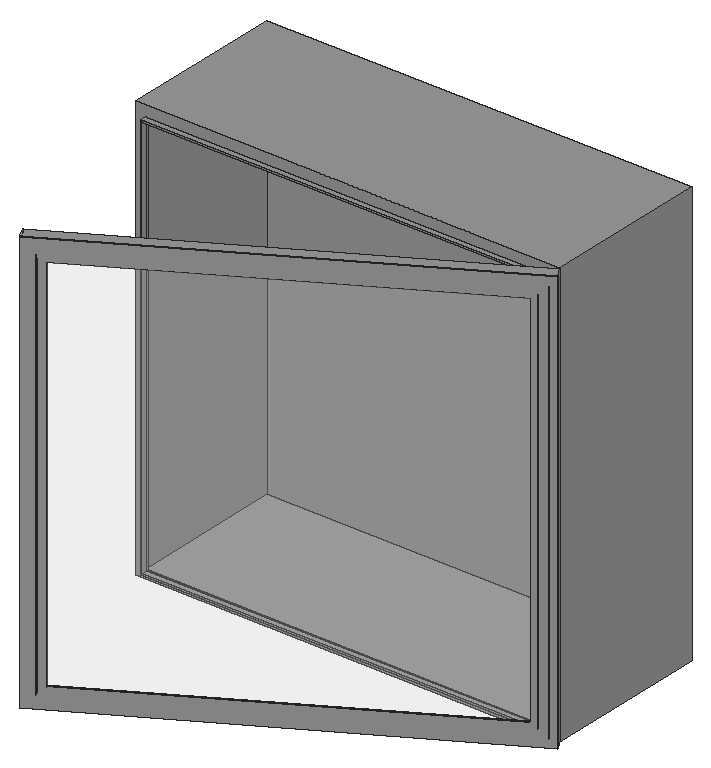
Revit family "Hager-Orion_Inox-IP66-D250-Cl.I-Inox_encl-630A-600mm-NoHosted-CH-fr", category Equipement électrique, Revit 2020
Family settings
  Configuration du panneau = Deux colonnes, circuits au sein
  Cote de connecteur circulaire = Utiliser le diamètre
  Type d'élément = Tableau de raccordement
  Basée sur le plan de construction = Oui
  Toujours verticalement = Oui
  Couper avec des vides une fois chargée = Non
  Partagée = Non
  Point de calcul de pièce = Non
Parameters (values of type "saillie IP66 L600 H600 P250  - FL029TWL")
  Width Control [instance] = if([EF000008 - largeur] > Min Width, [EF000008 - largeur], Min Width)  # 600 mm
  Commentaires du type = [HG000003 - Gamme]  # "Orion Inox"
  Thickness Door [instance] = if([EF009171 - épaisseur de matériau de la porte/du couvercle] > 3 mm, 3 mm, [EF009171 - épaisseur de matériau de la porte/du couvercle])  # 1.5 mm
  Seal Frame Offset [instance] = 17 mm  # constant formula
  Min Width [instance] = 100 mm  # constant formula
  Min Depth [instance] = (2 * [EF009170 - épaisseur de matériau du boîtier]) + 1 mm  # 4 mm
  Min Height [instance] = 100 mm  # constant formula
  Internal Frame Depth [instance] = -(Door System Depth * 0.5)  # -9 mm
  Panel Name [instance] = ""  # (empty or 0)
  Model = ""
  HG000027 - Hauteur du socle = 0 mm
  HG000026 - Installation au sol = no
  HG000024 - Hauteur de la section basse = 600 mm
  HG000023 - Armoire double section = no
  HG000016 - Visibilité de la porte 3D [instance] = yes
  HG000015 - Visibilité de l'emprise de la porte [instance] = no
  HG000014 - Porte à droite [instance] = yes
  HG000013 - Porte à gauche [instance] = not([HG000014 - Porte à droite])  # no
  HG000012 - Angle de pivotement de la porte [instance] = 30.00°
  HG000010 - Portes asymétriques = no
  HG000009 - Porte à double battant = no
  HG000006 - Encastré = no
  HG000004 - Référence fabricant = "FL029TWL"
  HG000003 - Gamme = "Orion Inox"
  HG000002 - avec porte = yes
  Frame Offset Bottom [instance] = 10 mm  # constant formula
  Frame Offset [instance] = 15 mm  # constant formula
  EF015940 - couvercle avec décharge de pression = no
  EF011959 - degré de protection (NEMA) = ""
  EF009554 - nombre d'ouvertures pour plaques à bride = 0
  EF009212 - finition du couvercle = "EV000116 - fermé"
  EF009171 - épaisseur de matériau de la porte/du couvercle = 1.5 mm
  EF009170 - épaisseur de matériau du boîtier = 1.5 mm
  EF008873 - courant nominal (In) = 630 A
  EF007800 - adapté à un parafoudre = no
  EF006306 - avec serrure = yes
  EF006244 - couvercle/porte transparent(e) = yes
  EF005474 - indice de protection (IP) = "EV006422 - IP66"
  EF004464 - type de porte = "EV002646 - unique"
  EF004427 - nombre de modules = 0
  EF004293 - indice de protection contre les chocs (IK) = "EV006814 - IK08"
  EF003532 - convient pour utilisation à l’extérieur = yes
  EF002950 - largeur en nombre de modules = 0
  EF001613 - maintien de fonction = "EV000494 - sans"
  EF001596 - matériau du boîtier/corps = "EV000166 - acier inoxydable"
  EF001131 - profondeur intérieure = 216 mm
  EF001088 - possibilité de montage en saillie = yes
  EF000437 - nombre d'entrées de conduit = 0
  EF000339 - type de capot = "EV004216 - porte"
  EF000266 - nombre de rangées = 0
  EF000218 - profondeur d'encastrement = 0 mm
  EF000118 - avec cadre/support de montage = no
  EF000116 - numéro RAL = ""
  EF000049 - profondeur = 250 mm
  EF000040 - hauteur = 600 mm
  EF000008 - largeur = 600 mm
  EF000007 - couleur = "EV000154 - autre"
  EF000003 - mode de pose = "EV000384 - saillie"
  Door System Leaf Tolerance [instance] = 1.5 mm  # constant formula
  Door System Depth [instance] = 18 mm  # constant formula
  Description = ""
  Default Elevation = 1219.2 mm
  Connector Offset [instance] = Height Control / 2  # 300 mm
  Fabricant = "Hager"  # constant formula
  Height Control [instance] = if([EF000040 - hauteur] > Min Height, [EF000040 - hauteur], Min Height)  # 600 mm
  Depth Control [instance] = if([EF000049 - profondeur] > Min Depth, [EF000049 - profondeur], Min Depth)  # 250 mm
Types (4, lengths in mm): name | Width Control | HG000004 - Référence fabricant | EF009212 - finition du couvercle | EF006306 - avec serrure | EF006244 - couvercle/porte transparent(e) | EF004293 - indice de protection contre les chocs (IK) | EF001613 - maintien de fonction | EF000008 - largeur
  saillie IP66 L400 H600 P250  - FL029BW | 400 | "FL029BW" | "EV009916 - avec échancrure" | no | no | "EV008784 - IK10" | "" | 400
  saillie IP66 L600 H600 P250  - FL029BWL | 600 | "FL029BWL" | "EV009916 - avec échancrure" | no | no | "EV008784 - IK10" | "" | 600
  saillie IP66 L600 H600 P250  - FL029TW | 600 | "FL029TW" | "EV000116 - fermé" | yes | yes | "EV006814 - IK08" | "EV000494 - sans" | 600
  saillie IP66 L600 H600 P250  - FL029TWL | 600 | "FL029TWL" | "EV000116 - fermé" | yes | yes | "EV006814 - IK08" | "EV000494 - sans" | 600
Reference planes
  plane 1 "Center (Front/Back)": y = 0
  plane 2: z = 0
  plane 3 "Center (Left/Right)": x = 0
  plane 4: y = 0
  plane 5: y = 0
  plane 6: z = 0
  plane 7: x = -300
  plane 8: x = 300
  plane 9: x = 298.5
  plane 10: x = -298.5
  plane 11: z = 0
  plane 12: z = 1.5
  plane 13: y = -250
  plane 14: y = -1.5
  plane 15: x = 0
  plane 16: y = -232
  plane 17: y = -248.5
  plane 18: y = -230.5
  plane 19: x = -283.5
  plane 20: x = 283.5
  plane 21: z = 11.5
  plane 22: x = -283
  plane 23: x = 283
  plane 24: z = 0
  plane 25: z = 600
  plane 26: z = 600
  plane 27: z = 583.5
  plane 28: z = 598.5
Forms (mm)
  Extrusion 1, solid, material "Hager_Stainless_Steel", detail levels medium+fine
    sketch origin (-208.679, -4572, 0) x (-1, 0, 0) y (0, -1, 0)
      loop
        line (91.321, -4340) -> (-508.679, -4340) -> (-508.679, -4572) -> (91.321, -4572) -> (91.321, -4340)
    from 0 to 600
  Extrusion 2, void
    sketch origin (-350.771, -250, 1219.2) x (1, 0, 0) y (0, 0, 1)
      loop
        line (52.271, -620.7) -> (52.271, -1217.7) -> (649.271, -1217.7) -> (649.271, -620.7) -> (52.271, -620.7)
    from -19.5 to -248.5
  Extrusion 3, void
    sketch origin (-290.084, -232, 1219.2) x (1, 0, 0) y (0, 0, 1)
      loop
        line (6.584, -1207.7) -> (573.584, -1207.7) -> (573.584, -635.7) -> (6.584, -635.7) -> (6.584, -1207.7)
    from 0 to -1.5
  Extrusion 4, solid, material "Hager_Stainless_Steel", detail levels fine
    sketch origin (-290.084, -232, 1219.2) x (-1, 0, 0) y (0, 0, 1)
      loop
        line (-573.584, -1207.7) -> (-6.584, -1207.7) -> (-6.584, -635.7) -> (-573.584, -635.7) -> (-573.584, -1207.7)
      loop
        line (-575.084, -1209.2) -> (-5.084, -1209.2) -> (-5.084, -634.2) -> (-575.084, -634.2) -> (-575.084, -1209.2)
    from 0 to -9 <- "Internal Frame Depth"
  Extrusion 5, solid, material "Hager_Stainless_Steel", detail levels coarse
    sketch origin (0, 0, 0) x (1, 0, 0) y (0, 1, 0)
      loop
        line (-300, 0) -> (-300, -250) -> (300, -250) -> (300, 0) -> (-300, 0)
    from 0 to 600 <- "Height Control"
Cuts and joins
  Extrusion 2, Extrusion 3 cuts Extrusion 1
Lines and regions (mm)
  Masking region 1
    outline origin (0, 0, 0) x (1, 0, 0) y (0, 1, 0)
      loop
        line (-300, 0) -> (-300, -250) -> (300, -250) -> (300, 0) -> (-300, 0)
  Masking region 2
    outline origin (-290.084, -232, 1219.2) x (-1, 0, 0) y (0, 0, 1)
      loop
        line (-590.084, -1219.2) -> (9.916, -1219.2) -> (9.916, -619.2) -> (-590.084, -619.2) -> (-590.084, -1219.2)
  Masking region 3, detail levels coarse
    outline origin (0, 0, 0) x (0, 1, 0) y (0, 0, 1)
      loop
        line (0, 0) -> (0, 600) -> (-250, 600) -> (-250, 0) -> (0, 0)
  Masking region 4, detail levels medium+fine
    outline origin (0, 0, 594.038) x (0, 1, 0) y (0, 0, 1)
      loop
        line (0, -594.038) -> (0, 5.962) -> (-232, 5.962) -> (-232, -594.038) -> (0, -594.038)
Dimensions and locks
  locked: plane 1 "Center (Front/Back)" to plane 5
  "EF009170 - épaisseur de matériau du boîtier": plane 7 to plane 10
  "EF009170 - épaisseur de matériau du boîtier": plane 8 to plane 9
  equal spacing: plane 7, plane 3 "Center (Left/Right)", plane 8
  "Width Control": plane 7 to plane 8
  "Depth Control": plane 4 to plane 13
  "EF009170 - épaisseur de matériau du boîtier": plane 4 to plane 14
  "Height Control": plane 25 to level
  "EF009170 - épaisseur de matériau du boîtier": plane 12 to plane 11
  "EF009170 - épaisseur de matériau du boîtier": plane 17 to plane 13
  "EF009170 - épaisseur de matériau du boîtier": plane 18 to plane 16
  "Frame Offset Bottom": plane 21 to plane 12
  "Frame Offset": plane 10 to plane 19
  "Frame Offset": plane 9 to plane 20
  "Door System Depth": plane 16 to plane 13
  "Seal Frame Offset": plane 7 to plane 22
  "Seal Frame Offset": plane 8 to plane 23
  "EF009170 - épaisseur de matériau du boîtier": plane 26 to plane 28
  "Frame Offset": plane 28 to plane 27
  "Connector Offset": plane 2 to connector elem
  "Thickness Door": cut or joined group of Extrusion 1, Extrusion 2, Extrusion 3 to Extrusion 4 sketch curve
  "Thickness Door": Extrusion 4 sketch curve to plane 19
  "Thickness Door": Extrusion 4 sketch curve to plane 20
  "Thickness Door": Extrusion 4 sketch curve to plane 27
  aligned and locked: Extrusion 2 sketch curve to plane 12
  aligned and locked: Extrusion 2 sketch curve to plane 9
  aligned and locked: Extrusion 2 sketch curve to plane 10
  aligned and locked: plane 14 to Extrusion 2
  aligned and locked: plane 4 to Extrusion 1 sketch curve
  aligned and locked: plane 8 to Extrusion 1 sketch curve
  aligned and locked: plane 7 to Extrusion 1 sketch curve
  aligned and locked: Extrusion 2 to plane 18
  aligned and locked: Extrusion 3 sketch curve to plane 19
  aligned and locked: plane 20 to Extrusion 3 sketch curve
  aligned and locked: Extrusion 3 to Extrusion 2
  aligned and locked: Extrusion 3 sketch curve to plane 21
  aligned and locked: plane 3 "Center (Left/Right)" to nested 1
  aligned and locked: Extrusion 1 sketch curve to plane 16
  aligned and locked: Masking region 1 sketch curve to plane 7
  aligned and locked: Masking region 1 sketch curve to plane 5
  aligned and locked: Masking region 1 sketch curve to plane 8
  aligned and locked: Masking region 2 sketch curve to level
  aligned and locked: level to Masking region 3 sketch curve
  aligned and locked: plane 1 "Center (Front/Back)" to Masking region 3 sketch curve
  aligned and locked: plane 13 to Masking region 3 sketch curve
  aligned and locked: Masking region 2 sketch curve to plane 8
  aligned and locked: Masking region 2 sketch curve to plane 7
  aligned and locked: plane 7 to nested 2
  aligned and locked: nested 2 to plane 5
  aligned and locked: plane 5 to Masking region 4 sketch curve
  aligned and locked: plane 26 to Masking region 4 sketch curve
  aligned and locked: Extrusion 5 sketch curve to plane 8
  aligned and locked: Extrusion 5 sketch curve to plane 7
  aligned and locked: Extrusion 5 sketch curve to plane 5
  aligned and locked: Extrusion 3 sketch curve to plane 27
  aligned and locked: Extrusion 2 sketch curve to plane 28
  aligned and locked: Extrusion 4 sketch curve to plane 27
  aligned and locked: Extrusion 4 sketch curve to plane 20
  aligned and locked: Extrusion 4 sketch curve to plane 21
  aligned and locked: Extrusion 4 sketch curve to plane 19
  aligned and locked: Masking region 2 to plane 25
  aligned and locked: Masking region 4 sketch curve to plane 24
  aligned and locked: Masking region 1 to plane 13
  aligned and locked: nested 1 to plane 16
  aligned and locked: Masking region 3 to plane 25
  aligned and locked: Masking region 4 sketch curve to plane 16
  aligned and locked: plane 24 to plane 11
  aligned and locked: plane 26 to plane 25
  aligned and locked: level to plane 24
  aligned and locked: Extrusion 1 to Masking region 3
  aligned and locked: level to nested 1
Automatic sketch dimensions
  Extrusion 5 sketch curve to plane 13 = 0 mm
  plane 27 to Masking region 2 sketch curve = 16.5 mm
  plane 27 to Masking region 3 sketch curve = 16.5 mm
  Masking region 1 sketch curve to plane 13 = 0 mm
  Extrusion 3 sketch curve to plane 21 = 0 mm
  plane 19 to Extrusion 3 sketch curve = 0 mm
  Extrusion 3 sketch curve to plane 20 = 0 mm
Nested families
  nested 1: "EC000058_OrionInox_Door" at (0, -232, 0), Double <- "HG000009 - Porte à double battant", Transparent <- "EF006244 - couvercle/porte transparent(e)", Angle <- "HG000012 - Angle de pivotement de la porte", Door_Right <- "HG000014 - Porte à droite", Assymetrical <- "HG000010 - Portes asymétriques", Door <- "HG000002 - avec porte", Width_Ctrl <- "Width Control", 3d_Door <- "HG000016 - Visibilité de la porte 3D", Clearance <- "HG000015 - Visibilité de l'emprise de la porte", Door_Left <- "HG000013 - Porte à gauche", Width <- "Width Control", Door_Depth <- "Door System Depth", Leaf_Tolerance <- "Door System Leaf Tolerance", Height <- "Height Control", Thickness <- "Thickness Door", type "EC000058_OrionInox_Door", detail levels medium+fine
    with min_wh 4 mm, Width_Ctrl 600 mm, Width 600 mm, Transparent yes, Thickness 1.5 mm, Seal_Material Hager_Rubber, Leaf_Width 600 mm, Leaf_Tolerance_External_Sides 0 mm, Leaf_Tolerance 1.5 mm, Leaf_Offset 0 mm, Leaf_Height 597 mm, Leaf_2_Width 600 mm, Leaf_2_Offset 300 mm, Leaf_1_Width 600 mm, Leaf_1_Offset 300 mm, Height_Ctrl 600 mm, Height 600 mm, Glass_Material Hager_Glass, Double_Clearance_Ctrl no, Double no, Door_Right_Ctrl yes, Door_Right yes, Door_Material Hager_Stainless_Steel, Door_Left_Ctrl no, Door_Left no, Door_Depth 18 mm, Door yes, Clearance_Material Hager_Clearance, Clearance_Depth 600 mm, Clearance_Ctrl no, Clearance no, Assymetrical no, Angle 30.00°, 3d_Door yes
  nested 2: "Hager_Enclosure_Symbol" at (-300, 0, 0), Height <- "Depth Control", Width <- "Width Control", type "Hager_Enclosure_Symbol"
    with Width_Ctrl 600 mm, Width 600 mm, Height_Ctrl 250 mm, Height 250 mm, A_Width_Int 16.406 mm, A_Width 196.875 mm, A_Height_Ctrl 218.75 mm, A_Height 218.75 mm
Connectors
  electrical at (0, 0, 300)
    settings: on plane 1 "Center (Front/Back)", index 1, voltage 0 V, apparent load 0 VA, apparent load phase1 0 VA, apparent load phase2 0 VA, apparent load phase3 0 VA, power factor 1, load classification "Other", number of poles 1, system type 30, power factor state 1, is connector primary yes, connector utility no, sub classification motor no, connector description ""
Definition of nested family "EC000058_OrionInox_Door"
  Parameters (values of type "EC000058_OrionInox_Door")
    min_wh [instance] = (2 * Thickness) + 1 mm  # 11 mm
    Width_Ctrl [instance] = 400 mm
    Width [instance] = 500 mm
    Transparent [instance] = yes
    Thickness [instance] = 5 mm
    Seal_Material [instance] = none
    Leaf_Width [instance] = if((Width_Ctrl - 2 * Leaf_Tolerance_External_Sides) > 0 mm, (Width_Ctrl - 2 * Leaf_Tolerance_External_Sides), min_wh)  # 400 mm
    Leaf_Tolerance_External_Sides [instance] = 0 mm  # constant formula
    Leaf_Tolerance [instance] = 1.5 mm
    Leaf_Offset [instance] = 0 mm  # constant formula
    Leaf_Height [instance] = if((Height_Ctrl - 2 * Leaf_Tolerance) > 0 mm, (Height_Ctrl - 2 * Leaf_Tolerance), min_wh)  # 497 mm
    Leaf_2_Width [instance] = if(and(and(Double, Assymetrical), Door_Left), (Leaf_Width / 3) - (Leaf_Tolerance / 2), if(and(and(Double, Assymetrical), Door_Right), (Leaf_Width / 3) * 2 - (Leaf_Tolerance / 2), if(and(Double, not(Assymetrical)), (Leaf_Width / 2) - Leaf_Tolerance, Leaf_Width)))  # 400 mm
    Leaf_2_Offset [instance] = if(and(Double, Assymetrical), Leaf_2_Width / 2, if(and(Double, not(Assymetrical)), Leaf_Width / 4, Leaf_Width / 2))  # 200 mm
    Leaf_1_Width [instance] = if(and(and(Double, Assymetrical), Door_Right), (Leaf_Width / 3) - (Leaf_Tolerance / 2), if(and(and(Double, Assymetrical), Door_Left), (Width / 3) * 2 - (Leaf_Tolerance / 2), if(and(Double, not(Assymetrical)), (Leaf_Width / 2) - Leaf_Tolerance, Leaf_Width)))  # 400 mm
    Leaf_1_Offset [instance] = if(and(Double, Assymetrical), Leaf_1_Width / 2, if(and(Double, not(Assymetrical)), Leaf_Width / 4, Leaf_Width / 2))  # 200 mm
    Height_Ctrl [instance] = if(Height > min_wh, Height, min_wh)  # 500 mm
    Height [instance] = 500 mm
    Glass_Material [instance] = none
    Double_Clearance_Ctrl [instance] = and(Double, Clearance)  # no
    Double [instance] = no
    Door_Right_Ctrl [instance] = and(or(Door_Right, Double), Door)  # yes
    Door_Right [instance] = yes
    Door_Material [instance] = none
    Door_Left_Ctrl [instance] = and(or(Door_Left, Double), Door)  # no
    Door_Left [instance] = no
    Door_Depth [instance] = 30 mm
    Door [instance] = yes
    Default Elevation = 1219.2 mm
    Clearance_Material [instance] = none
    Clearance_Depth [instance] = if(Leaf_1_Width > Leaf_2_Width, Leaf_1_Width, Leaf_2_Width)  # 400 mm
    Clearance_Ctrl [instance] = and(not(Double), Clearance)  # yes
    Clearance [instance] = yes
    Assymetrical [instance] = yes
    Angle [instance] = 30.00°
    3d_Door [instance] = yes
  Reference planes
    plane 1 "Center (Front/Back)": y = 0
    plane 2 "Bottom": z = 0
    plane 3 "Center (Left/Right)": x = 0
    plane 4: z = 500
    plane 5: x = -200
    plane 6: x = 200
    plane 7: z = 500
    plane 8: x = -200
    plane 9: z = 0
    plane 10: x = 200
    plane 11: y = 0
    plane 12: z = 1.5
    plane 13: x = -600
    plane 14: y = -400
    plane 15: x = 600
    plane 16: x = 0
    plane 17: x = 0
    plane 18: x = -200
    plane 19: x = 200
    plane 20: z = 498.5
  Forms (mm)
    Extrusion 1, solid, material <- "Clearance_Material", visible <- "Double_Clearance_Ctrl"
      sketch origin (1200, 0, 0) x (1, 0, 0) y (0, 0, -1)
        loop
          line (-1800, -498.5) -> (-600, -498.5) -> (-600, 0) -> (-1800, 0) -> (-1800, -498.5)
      from 0 to -400
  Dimensions and locks
    equal spacing: plane 5, plane 3 "Center (Left/Right)", plane 6
    "Width_Ctrl": plane 5 to plane 6
    "Leaf_Offset": plane 5 to plane 8
    "Leaf_Offset": plane 6 to plane 10
    "Leaf_Offset": plane 9 to level
    "Leaf_Offset": plane 4 to plane 7
    "Height_Ctrl": plane 4 to level
    "Leaf_Tolerance": plane 12 to plane 9
    locked: plane 11 to plane 1 "Center (Front/Back)"
    "Leaf_1_Offset": plane 18 to plane 16
    "Leaf_2_Offset": plane 17 to plane 19
    "Leaf_1_Width": plane 13 to plane 8
    "Leaf_2_Width": plane 10 to plane 15
    "Clearance_Depth": plane 14 to plane 1 "Center (Front/Back)"
    "Leaf_Tolerance_External_Sides": plane 8 to plane 18
    "Leaf_Tolerance_External_Sides": plane 19 to plane 10
    "Leaf_Tolerance": plane 7 to plane 20
    aligned and locked: level to plane 2 "Bottom"
    aligned and locked: nested 1 to plane 16
    aligned and locked: nested 2 to plane 17
    aligned and locked: Extrusion 1 to plane 13
    aligned and locked: plane 15 to Extrusion 1
    aligned and locked: Extrusion 1 to plane 14
    aligned and locked: plane 12 to nested 1
    aligned and locked: nested 2 to plane 12
    aligned and locked: Extrusion 1 to plane 11
    aligned and locked: plane 20 to Extrusion 1
    aligned and locked: nested 2 to plane 11
    aligned and locked: nested 1 to plane 11
  Automatic sketch dimensions
    Extrusion 1 sketch curve to level = 0 mm
    plane 5 to Extrusion 1 sketch curve = 400 mm
    plane 6 to Extrusion 1 sketch curve = 400 mm
    Extrusion 1 sketch curve to plane 4 = 1.5 mm
  Nested families
    nested 1: "EC000058_OrionInox_Door_Leaf" at (0, 0, 1.5), Width <- "Leaf_1_Width", visible <- "Door_Left_Ctrl", Leaf_Height <- "Leaf_Height", Angle <- "Angle", 3d_Door <- "3d_Door", Transparent <- "Transparent", Clearance Material <- "Clearance_Material", Clearance <- "Clearance_Ctrl", Door_Material <- "Door_Material", Glass_Material <- "Glass_Material", Door_Depth <- "Door_Depth", Seal_Material <- "Seal_Material", Thickness <- "Thickness", type "EC000058_OrionInox_Door_Leaf"
      with Width 400 mm, Transparent_Ctrl yes, Transparent yes, Thickness 5 mm, Standard no, Seal_Material none, Seal_D2 8 mm, Seal_D1 1 mm, Offset_Internal_Frame 10 mm, Lock_Width 28 mm, Lock_Thickness 2 mm, Lock_Radius 6 mm, Leaf_Height 497 mm, Internal_Seal_Thickness 8 mm, Internal_Seal_Depth_2 4.5 mm, Internal_Frame_Depth 25 mm, Glass_Thickness -1 mm, Glass_Offset -2 mm, Glass_Material none, Door_Material none, Door_Depth 30 mm, Clearance Material none, Clearance yes, Angle_Ctrl 30.00°, Angle 30.00°, 3d_Door yes
    nested 2: "EC000058_OrionInox_Door_Leaf" at (0, 0, 1.5) x (-1, 0, 0) z (0, 0, 1), Width <- "Leaf_2_Width", visible <- "Door_Right_Ctrl", Leaf_Height <- "Leaf_Height", Angle <- "Angle", 3d_Door <- "3d_Door", Transparent <- "Transparent", Clearance Material <- "Clearance_Material", Clearance <- "Clearance_Ctrl", Door_Material <- "Door_Material", Glass_Material <- "Glass_Material", Door_Depth <- "Door_Depth", Seal_Material <- "Seal_Material", Thickness <- "Thickness", type "EC000058_OrionInox_Door_Leaf"
      with Width 400 mm, Transparent_Ctrl yes, Transparent yes, Thickness 5 mm, Standard no, Seal_Material none, Seal_D2 8 mm, Seal_D1 1 mm, Offset_Internal_Frame 10 mm, Lock_Width 28 mm, Lock_Thickness 2 mm, Lock_Radius 6 mm, Leaf_Height 497 mm, Internal_Seal_Thickness 8 mm, Internal_Seal_Depth_2 4.5 mm, Internal_Frame_Depth 25 mm, Glass_Thickness -1 mm, Glass_Offset -2 mm, Glass_Material none, Door_Material none, Door_Depth 30 mm, Clearance Material none, Clearance yes, Angle_Ctrl 30.00°, Angle 30.00°, 3d_Door yes
  Definition of nested family "EC000058_OrionInox_Door_Leaf"
    Parameters (values of type "EC000058_OrionInox_Door_Leaf")
      Width [instance] = 450 mm
      Transparent_Ctrl [instance] = and(Transparent, [3d_Door])  # yes
      Transparent [instance] = yes
      Thickness [instance] = 5 mm
      Standard [instance] = and(not(Transparent), [3d_Door])  # no
      Seal_Material [instance] = none
      Seal_D2 [instance] = 8 mm  # constant formula
      Seal_D1 [instance] = 1 mm  # constant formula
      Offset_Internal_Frame [instance] = 10 mm  # constant formula
      Lock_Width [instance] = Door_Depth - Lock_Thickness  # 28 mm
      Lock_Thickness [instance] = 2 mm  # constant formula
      Lock_Radius [instance] = 6 mm  # constant formula
      Leaf_Height [instance] = 450 mm
      Internal_Seal_Thickness [instance] = 8 mm  # constant formula
      Internal_Seal_Depth_2 [instance] = 4.5 mm  # constant formula
      Internal_Frame_Depth [instance] = if(Door_Depth - Thickness > 5 mm, Door_Depth - Thickness, 5 mm)  # 25 mm
      Glass_Thickness [instance] = if(Thickness > 15 mm, Glass_Offset + 10 mm, -1 mm)  # -1 mm
      Glass_Offset [instance] = if(Thickness > 15 mm, -(Thickness + 10 mm) / 2, -2 mm)  # -2 mm
      Glass_Material [instance] = none
      Door_Material [instance] = none
      Door_Depth [instance] = 30 mm
      Default Elevation = 0 mm
      Clearance Material [instance] = none
      Clearance [instance] = yes
      Angle_Ctrl [instance] = if(Angle > 180.00°, 180.00°, Angle)  # 90.00°
      Angle [instance] = 90.00°
      3d_Door [instance] = yes
    Reference planes
      plane 1 "Center (Front/Back)": y = 0
      plane 2: z = 0
      plane 3 "Center (Left/Right)": x = 0
      plane 4: y = 450
      plane 5: x = -225
      plane 6: x = 225
      plane 7: x = -675
      plane 8: z = 450
      plane 9: z = 30
      plane 10: z = 420
      plane 11: x = 195
      plane 12: x = -195
      plane 13: y = -3
      plane 14: z = 107.833
      plane 15: y = -5
      plane 16: y = -223.314
      plane 17: x = -225
      plane 18: y = 30
    Forms (mm)
      Extrusion 1, solid, material <- "Clearance Material", visible <- "Clearance"
        sketch origin (0, 0, 0) x (1, 0, 0) y (0, 0, 1)
          loop
            line (-675, 450) -> (-675, 0) -> (225, 0) -> (225, 450) -> (-675, 450)
        from 0 to -450
      Extrusion 2, solid, material <- "Door_Material", visible <- "Standard", detail levels medium+fine
        sketch origin (-225, 0, 0) x (0, 1, 0) y (-1, 0, 0)
          loop
            line (0, 30) -> (0, 25) -> (450, 25) -> (450, 30) -> (0, 30)
        from 0 to 450 <- "Leaf_Height"
      Extrusion 3, solid, material <- "Door_Material", visible <- "Transparent_Ctrl", detail levels medium+fine
        sketch origin (-225, 0, 0) x (0, 1, 0) y (-1, 0, 0)
          loop
            line (0, 25) -> (450, 25) -> (450, 30) -> (0, 30) -> (0, 25)
        from 0 to 450 <- "Leaf_Height"
      Extrusion 4, void
        sketch origin (-250, 450, 0) x (0, 1, 0) y (0, 0, -1)
          loop
            line (-30, -420) -> (-30, -30) -> (-420, -30) -> (-420, -420) -> (-30, -420)
        from 0 to 5 <- "Thickness"
      Sweep 5, solid, material <- "Seal_Material", visible <- "Transparent_Ctrl", detail levels fine
        path in 3D
          loop
            line (-250, 30, 30) -> (-250, 30, 420) -> (-250, 420, 420) -> (-250, 420, 30) -> (-250, 30, 30)
        profile origin (-250, 225, 30) x (1, 0, 0) y (0, 0, 1)
          loop
            line (0, 0) -> (0, -8) -> (1, -8) -> (1, 0) -> (0, 0)
      Extrusion 6, solid, material <- "Glass_Material", visible <- "Transparent_Ctrl", detail levels medium+fine
        sketch origin (-255, 0, 0) x (0, 1, 0) y (0, 0, -1)
          loop
            line (420, -420) -> (420, -30) -> (30, -30) -> (30, -420) -> (420, -420)
        from -2 <- "Glass_Offset" to -1 <- "Glass_Thickness"
      Extrusion 7, solid, material <- "Door_Material", visible <- "3d_Door", detail levels medium+fine
        sketch origin (-250, 450, 0) x (0, -1, 0) y (0, 0, -1)
          loop
            line (0, -450) -> (450, -450) -> (450, 0) -> (0, 0) -> (0, -450)
          loop
            line (445, -5) -> (5, -5) -> (5, -445) -> (445, -445) -> (445, -5)
        from 0 to 25 <- "Internal_Frame_Depth"
      Sweep 8, solid, material <- "Seal_Material", visible <- "Transparent_Ctrl", detail levels fine
        path in 3D
          loop
            line (-250, 0, 0) -> (-250, 450, 0) -> (-250, 450, 450) -> (-250, 0, 450) -> (-250, 0, 0)
        profile origin (-250, 0, 225) x (1, 0, 0) y (0, 1, 0)
          loop
            line (0, 10) -> (2.975, 10)
            arc (2.975, 10) -> (4.053, 10.447) -> (4.5, 11.525) r 1.525
            line (4.5, 11.525) -> (4.5, 16.527)
            arc (4.5, 16.527) -> (4.069, 17.569) -> (3.027, 18) r 1.473
            line (3.027, 18) -> (0, 18) -> (0, 10)
    Cuts and joins
      Extrusion 4 cuts Extrusion 3
    Lines and regions (mm)
      Masking region 1, detail levels medium+fine
        outline origin (0, 0, 0) x (0, 1, 0) y (0, 0, 1)
          loop
            line (0, 0) -> (30, 0) -> (30, 450) -> (0, 450) -> (0, 0)
      Masking region 2, detail levels medium+fine
        outline origin (0, 0, 0) x (1, 0, 0) y (0, 0, 1)
          loop
            line (-225, 450) -> (-225, 0) -> (225, 0) -> (225, 450) -> (-225, 450)
      symbolic lines
        curve 1: line (225, 0, 0) -> (-675, 0, 0)
        curve 2: arc (225, 0, 0) -> (-225, 450, 0) -> (-675, 0, 0) r 450
        curve 4: line (-255, 0, 0) -> (-255, 450, 0)
      reference lines
        curve 3: line (-225, 0, 0) -> (-225, 450, 0)
      symbolic lines, detail levels medium+fine
        curve 5: line (-255, 450, 0) -> (-250, 450, 0)
        curve 7: line (-250, 0, 0) -> (-255, 0, 0)
        curve 8: line (-250, 0, 0) -> (-225, 0, 0)
        curve 9: line (-225, 0, 0) -> (-225, 450, 0)
        curve 10: line (-225, 450, 0) -> (-250, 450, 0)
      symbolic lines, detail levels fine
        curve 6: line (-250, 450, 0) -> (-250, 0, 0)
      sketch lines
        curve 11: line (-250, 0, 450) -> (-250, 0, 0)
        curve 12: line (-250, 450, 0) -> (-250, 0, 0)
        curve 13: line (-250, 450, 450) -> (-250, 450, 0)
        curve 14: line (-250, 0, 450) -> (-250, 450, 450)
        curve 15: line (-250, 420, 30) -> (-250, 30, 30)
        curve 16: line (-250, 30, 30) -> (-250, 30, 420)
        curve 17: line (-250, 420, 420) -> (-250, 420, 30)
        curve 18: line (-250, 30, 420) -> (-250, 420, 420)
      symbolic lines, visible <- "Transparent", detail levels medium+fine
        curve 19: line (-195, 0, 420) -> (195, 0, 420)
        curve 20: line (-195, 0, 30) -> (-195, 0, 420)
        curve 21: line (195, 0, 30) -> (-195, 0, 30)
        curve 22: line (195, 0, 420) -> (195, 0, 30)
    Dimensions and locks
      "Width": plane 1 "Center (Front/Back)" to plane 4
      equal spacing: plane 5, plane 3 "Center (Left/Right)", plane 6
      "Width": plane 5 to plane 6
      "Width": plane 7 to plane 5
      "Leaf_Height": plane 8 to level
      "Width": curve 5 to curve 3
      "Width": curve 3 to curve 3
      plane 8 to plane 10 = 30 mm
      plane 9 to level = 30 mm
      plane 12 to plane 5 = 30 mm
      plane 6 to plane 11 = 30 mm
      Extrusion 4 sketch curve to Extrusion 3 = 30 mm
      Extrusion 3 to Extrusion 4 sketch curve = 30 mm
      Extrusion 1 to Extrusion 4 sketch curve = 30 mm
      curve 3 to Extrusion 4 sketch curve = 30 mm
      Extrusion 4 sketch curve to cut or joined group of Extrusion 3, Extrusion 4 = 30 mm
      cut or joined group of Extrusion 3, Extrusion 4 to Extrusion 6 sketch curve = 30 mm
      cut or joined group of Extrusion 3, Extrusion 4 to Extrusion 4 sketch curve = 30 mm
      "Thickness": curve 6 to curve 4
      "Thickness": Extrusion 7 sketch curve to Extrusion 7 sketch curve  (x4)
      "Door_Depth": curve 4 to curve 3
      "Offset_Internal_Frame": profile plane to Sweep 8 sketch curve
      "Internal_Seal_Thickness": Sweep 8 sketch curve to Sweep 8 sketch curve
      "Internal_Seal_Depth_2": profile plane to Sweep 8 sketch curve
      "Seal_D1": profile plane to Sweep 5 sketch curve
      "Seal_D2": profile plane to Sweep 5 sketch curve
      "Thickness": Extrusion 2 sketch curve to Extrusion 2 sketch curve
      "Door_Depth": plane 18 to plane 1 "Center (Front/Back)"
      radius of Sweep 8 sketch curve = 1.525 mm
      radius of Sweep 8 sketch curve = 1.473 mm
      "Angle_Ctrl": angle plane 1 "Center (Front/Back)" to curve 3
      aligned and locked: level to plane 2
      aligned and locked: Extrusion 1 to curve 1
      aligned and locked: plane 6 to Extrusion 1
      aligned and locked: plane 1 "Center (Front/Back)" to Extrusion 1
      aligned and locked: plane 4 to Extrusion 1
      aligned and locked: plane 8 to Extrusion 1
      aligned and locked: curve 7 to Extrusion 2 sketch curve
      aligned and locked: curve 5 to Extrusion 2 sketch curve
      aligned and locked: curve 7 to Extrusion 3 sketch curve
      aligned and locked: Extrusion 3 sketch curve to curve 4
      aligned and locked: Extrusion 3 sketch curve to curve 6
      aligned and locked: Extrusion 3 sketch curve to curve 5
      aligned and locked: curve 9 to curve 3
      aligned and locked: Extrusion 7 sketch curve to cut or joined group of Extrusion 3, Extrusion 4  (x4)
      aligned and locked: plane 17 to curve 3
      aligned and locked: plane 1 "Center (Front/Back)" to curve 3
      aligned and locked: plane 17 to plane 5
      aligned and locked: Sweep 8 sketch curve to profile plane
      aligned and locked: Sweep 5 sketch curve to profile plane  (x2)
      aligned and locked: plane 1 "Center (Front/Back)" to Masking region 1 sketch curve
      aligned and locked: plane 18 to Masking region 1 sketch curve
      aligned and locked: level to Masking region 1 sketch curve
      aligned and locked: Masking region 1 sketch curve to plane 8
      aligned and locked: plane 17 to Masking region 2 sketch curve
      aligned and locked: level to Masking region 2 sketch curve
      aligned and locked: Masking region 2 sketch curve to plane 8
      aligned and locked: plane 12 to curve 20
      aligned and locked: plane 10 to curve 19
      aligned and locked: plane 11 to curve 22
      aligned and locked: plane 9 to curve 21
      aligned and locked: Extrusion 2 sketch curve to cut or joined group of Extrusion 3, Extrusion 4
    Automatic sketch dimensions
      plane 1 "Center (Front/Back)" to curve 2 = 0 mm
      curve 2 to plane 5 = 0 mm
      Extrusion 1 sketch curve to level = 0 mm
      Extrusion 1 sketch curve to plane 7 = 0 mm
      Extrusion 1 sketch curve to plane 6 = 0 mm
      Extrusion 1 sketch curve to plane 8 = 0 mm
      Extrusion 3 to Extrusion 6 sketch curve = 30 mm  (x4)
      Masking region 2 sketch curve to plane 6 = 0 mm
      curve 4 to curve 3 = 0 mm
Definition of nested family "Hager_Enclosure_Symbol"
  Parameters (values of type "Hager_Enclosure_Symbol")
    Width_Ctrl [instance] = if(Width > 1 mm, Width, 1 mm)  # 102.27 mm
    Width [instance] = 102.27 mm
    Height_Ctrl [instance] = if(Height > 1 mm, Height, 1 mm)  # 66.5 mm
    A_Width_Int [instance] = if(A_Width / 12 > 2 mm, A_Width / 12, 2 mm)  # 4.364 mm
    A_Width [instance] = if(A_Height_Ctrl * 0.9 > 2 mm, A_Height_Ctrl * 0.9, 2 mm)  # 52.369 mm
    A_Height_Ctrl [instance] = if(A_Height > 2 mm, A_Height, 2 mm)  # 58.188 mm
    Height [instance] = 66.5 mm
    A_Height [instance] = Height - (Height / 8)  # 58.188 mm
  Reference planes
    plane 1 "Centre (avant/arrière)": y = 0
    plane 2: z = 0
    plane 3 "Centre (gauche/droite)": x = 0
    plane 4: x = 52.369
    plane 5: y = 33.042
    plane 6: y = 41.77
    plane 7: y = 66.5
    plane 8: x = 26.184
    plane 9: y = 37.406
    plane 10: x = 102.27
    plane 11: y = 66.5
    plane 12: y = 8.313
  Lines and regions (mm)
    Filled region 1, type "Solid_Black", in view "Niveau de réf."
      outline origin (0, 0, 0) x (1, 0, 0) y (0, 1, 0)
        loop
          line (52.369, 66.5) -> (33.188, 54.536) -> (45.365, 45.006) -> (52.369, 66.5)
    Filled region 2, type "Solid_Black", in view "Niveau de réf."
      outline origin (0, 0, 0) x (1, 0, 0) y (0, 1, 0)
        loop
          line (0, 0) -> (102.27, 0) -> (102.27, 66.5) -> (0, 0)
    detail lines, in view "Niveau de réf."
      curve 1: line (0, 8.313, 0) -> (26.184, 41.77, 0)
      curve 2: line (26.184, 41.77, 0) -> (26.184, 33.042, 0)
      curve 3: line (26.184, 33.042, 0) -> (52.369, 66.5, 0)
  Dimensions and locks
    "A_Width": plane 3 "Centre (gauche/droite)" to plane 4
    equal spacing: plane 3 "Centre (gauche/droite)", plane 8, plane 4
    equal spacing: plane 6, plane 9, plane 5
    equal spacing: curve 3, Filled region 1 sketch curve, Filled region 1 sketch curve
    "Height_Ctrl": plane 1 "Centre (avant/arrière)" to plane 11
    "A_Height_Ctrl": plane 11 to plane 12
    equal spacing: plane 11, plane 9, plane 12
    "A_Width_Int": plane 6 to plane 9
    "Width_Ctrl": plane 3 "Centre (gauche/droite)" to plane 10
    angle Filled region 1 sketch curve to curve 3 = 20.00°
    angle curve 3 to Filled region 1 sketch curve = 20.00°
    locked: curve 3 to Filled region 1 sketch curve (angle 90.00°)
    aligned and locked: plane 10 to Filled region 2
    aligned and locked: plane 11 to Filled region 2 sketch curve
    aligned and locked: plane 10 to Filled region 2 sketch curve
    aligned and locked: plane 3 "Centre (gauche/droite)" to curve 1
    aligned and locked: plane 12 to curve 1
    aligned and locked: plane 7 to plane 11
  Automatic sketch dimensions
    Filled region 1 sketch curve to plane 4 = 0 mm
    Filled region 1 sketch curve to plane 7 = 0 mm
    plane 1 "Centre (avant/arrière)" to Filled region 2 sketch curve = 0 mm
    Filled region 2 sketch curve to plane 3 "Centre (gauche/droite)" = 0 mm
    curve 2 to plane 6 = 0 mm
    curve 2 to plane 8 = 0 mm
    curve 3 to plane 4 = 0 mm
    curve 2 to plane 5 = 0 mm
    curve 3 to plane 7 = 0 mm
